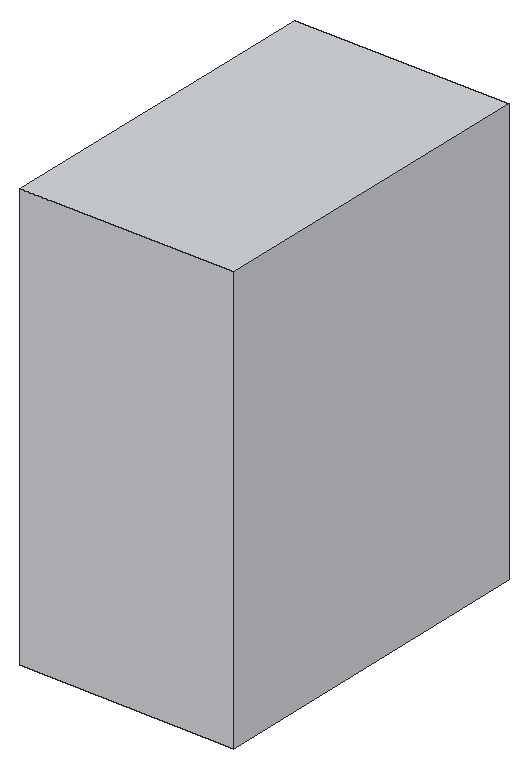
Revit family "Box", category Specialty Equipment, Revit 2022
Family settings
  Round Connector Dimension = Use Diameter
  Part Type = Normal
  Work Plane-Based = No
  Always vertical = Yes
  Cut with Voids When Loaded = No
  Maintain Annotation Orientation = No
  Shared = No
  Room Calculation Point = No
Parameters (values of type "36"x84"x72"")
  Width [instance] = 4' - 10"
  Height = 6' - 0"
  Length [instance] = 3' - 0"
  Default Elevation = 0' - 0"
Types (7): name | Width | Height | Length
  36"x84"x72" | 4' - 10" | 6' - 0" | 3' - 0"
  32"x32"x36" | 2' - 8" | 3' - 0" | 2' - 8"
  30"x26"x36" | 2' - 6" | 3' - 0" | 2' - 2"
  38"x56"x72" | 4' - 8" | 6' - 0" | 3' - 2"
  20"x20"x36" | 1' - 8" | 3' - 0" | 1' - 8"
  24"x60"x36" | 5' - 0" | 3' - 0" | 2' - 6"
  84"x22"x36" | 1' - 10" | 3' - 0" | 7' - 0"
Reference planes (in)
  plane 1 "Center (Front/Back)": y = 0
  plane 2: z = 0
  plane 3 "Center (Left/Right)": x = 0
  plane 4: y = 29
  plane 5: y = -29
  plane 6: x = 18
  plane 7: x = -18
Forms (in)
  Extrusion 1, solid
    sketch origin (-6, -26, 0) x (1, 0, 0) y (0, 1, 0)
      loop
        line (-12, -3) -> (24, -3) -> (24, 55) -> (-12, 55) -> (-12, -3)
    from 0 to 72
Dimensions and locks (in)
  "Length": plane 7 to plane 6
  "Width": plane 4 to plane 5
  "Height": Extrusion 1 to Extrusion 1
  equal spacing: plane 7, plane 3 "Center (Left/Right)", plane 6
  equal spacing: plane 4, plane 1 "Center (Front/Back)", plane 5
  aligned and locked: level to plane 2
  aligned and locked: plane 4 to Extrusion 1 sketch curve
  aligned and locked: Extrusion 1 sketch curve to plane 5
  aligned and locked: plane 7 to Extrusion 1 sketch curve
  aligned and locked: Extrusion 1 sketch curve to plane 6
